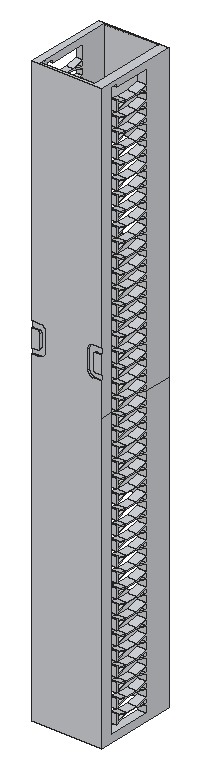
Revit family
Parameters
  Material ID = "760089441"
  Description = "Vertical Cable Management Kit, 10in X 84in (254mm X 2134mm) Single Sided, With Door, Black"
Reference planes (in)
  plane 1 "Center (Front/Back)": y = 0
  plane 2: z = 0
  plane 3 "Center (Left/Right)": x = 0
Forms (in)
  Extrusion 1, void, not visible
    sketch origin (0, 0, 0) x (1, 0, 0) y (0, 0, 1)
      loop
        line (-7.85662, 0.48089) -> (-7.85662, -0.39002) -> (-7.67285, -0.39002) -> (-7.67285, -0.64002) -> (-7.0736, -0.64002) -> (-7.0736, -0.39002) -> (-6.92978, -0.39002) -> (-6.92978, 0.48089) -> (-7.85662, 0.48089)
    from -3.79215 to 12
  Extrusion 2, void, not visible
    sketch origin (0, 0, 0) x (1, 0, 0) y (0, 0, 1)
      loop
        line (-8.21397, 0.42583) -> (-8.21397, -0.07417) -> (-8.08657, -0.07417) -> (-8.08657, -0.27417) -> (-7.83657, -0.27417) -> (-7.83657, -0.07417) -> (-7.72497, -0.07417) -> (-7.72497, 0.42583) -> (-8.21397, 0.42583)
    from 0.74059 to 3.34334
  Extrusion 3, solid
    sketch origin (0, 0, 0) x (1, 0, 0) y (0, 0, 1)
      loop
        line (7, 42) -> (-3, 42) -> (-3, -42) -> (7, -42) -> (7, 0) -> (7, 42)
    from 11.281 to -0.549
  Extrusion 4, void
    sketch origin (0, 0, 0) x (1, 0, 0) y (0, 0, 1)
      loop
        line (-3, 9.00056) -> (-3, 8.06684) -> (-2.1, 8.06684)
        arc (-2.1, 8.06684) -> (-1.88787, 7.97898) -> (-1.8, 7.76684) r 0.3
        line (-1.8, 7.76684) -> (-1.8, 5.85056)
        arc (-1.8, 5.85056) -> (-1.88787, 5.63843) -> (-2.1, 5.55056) r 0.3
        line (-2.1, 5.55056) -> (-3, 5.55056) -> (-3, 4.75056) -> (-1.8, 4.75056)
        arc (-1.8, 4.75056) -> (-1.23431, 4.98488) -> (-1, 5.55056) r 0.8
        line (-1, 5.55056) -> (-1, 8.20056)
        arc (-1, 8.20056) -> (-1.23431, 8.76625) -> (-1.8, 9.00056) r 0.8
        line (-1.8, 9.00056) -> (-3, 9.00056)
      loop
        line (7, 9.00056) -> (5.8, 9.00056)
        arc (5.8, 9.00056) -> (5.23431, 8.76625) -> (5, 8.20056) r 0.8
        line (5, 8.20056) -> (5, 5.55056)
        arc (5, 5.55056) -> (5.23431, 4.98488) -> (5.8, 4.75056) r 0.8
        line (5.8, 4.75056) -> (7, 4.75056) -> (7, 5.55056) -> (6.1, 5.55056)
        arc (6.1, 5.55056) -> (5.88787, 5.63843) -> (5.8, 5.85056) r 0.3
        line (5.8, 5.85056) -> (5.8, 7.76684)
        arc (5.8, 7.76684) -> (5.88787, 7.97898) -> (6.1, 8.06684) r 0.3
        line (6.1, 8.06684) -> (7, 8.06684) -> (7, 9.00056)
    from 11.08569 to 11.281
  Extrusion 5, void
    sketch origin (0, 0, 0) x (1, 0, 0) y (0, 1, 0)
      loop
        line (5.70983, 0.3385) -> (-2.04017, 0.3385) -> (-2.04017, -10.9115) -> (5.70983, -10.9115) -> (5.70983, 0.3385)
    from -57.1272 to 54.97812
  Extrusion 6, void
    sketch origin (0, 0, 0) x (0, 1, 0) y (0, 0, 1)
      loop
        line (-3.37841, 39.06909) -> (-3.37841, 41.06909) -> (-8.50915, 41.06909) -> (-8.50915, 39.06909) -> (-6.81878, 38.61615) -> (-5.06878, 38.61615) -> (-3.37841, 39.06909)
      loop
        line (-3.37841, 38.06909) -> (-5.06878, 38.52202) -> (-6.81878, 38.52202) -> (-8.50915, 38.06909) -> (-8.50915, 37.81909) -> (-8.50915, 37.06909) -> (-6.81878, 36.61615) -> (-5.06878, 36.61615) -> (-3.37841, 37.06909) -> (-3.37841, 37.81909) -> (-3.37841, 38.06909)
      loop
        line (-3.37841, 39.00985) -> (-4.9864, 38.57899) -> (-3.37841, 38.14813) -> (-3.37841, 39.00985)
      loop
        line (-8.50915, 39.00985) -> (-8.50915, 38.14813) -> (-6.90115, 38.57899) -> (-8.50915, 39.00985)
      loop
        line (-3.37841, 36.06909) -> (-5.06878, 36.52202) -> (-6.81878, 36.52202) -> (-8.50915, 36.06909) -> (-8.50915, 35.06909) -> (-6.81878, 34.61615) -> (-5.06878, 34.61615) -> (-3.37841, 35.06909) -> (-3.37841, 36.06909)
      loop
        line (-3.37841, 37.00985) -> (-4.9864, 36.57899) -> (-3.37841, 36.14813) -> (-3.37841, 37.00985)
      loop
        line (-8.50915, 37.00985) -> (-8.50915, 36.14813) -> (-6.90115, 36.57899) -> (-8.50915, 37.00985)
      loop
        line (-3.37841, 34.06909) -> (-5.06878, 34.52202) -> (-6.81878, 34.52202) -> (-8.50915, 34.06909) -> (-8.50915, 33.06909) -> (-6.81878, 32.61615) -> (-5.06878, 32.61615) -> (-3.37841, 33.06909) -> (-3.37841, 34.06909)
      loop
        line (-3.37841, 35.00985) -> (-4.9864, 34.57899) -> (-3.37841, 34.14813) -> (-3.37841, 35.00985)
      loop
        line (-8.50915, 35.00985) -> (-8.50915, 34.14813) -> (-6.90115, 34.57899) -> (-8.50915, 35.00985)
      loop
        line (-3.37841, 32.06909) -> (-5.06878, 32.52202) -> (-6.81878, 32.52202) -> (-8.50915, 32.06909) -> (-8.50915, 31.06909) -> (-6.81878, 30.61615) -> (-5.06878, 30.61615) -> (-3.37841, 31.06909) -> (-3.37841, 32.06909)
      loop
        line (-3.37841, 33.00985) -> (-4.9864, 32.57899) -> (-3.37841, 32.14813) -> (-3.37841, 33.00985)
      loop
        line (-8.50915, 33.00985) -> (-8.50915, 32.14813) -> (-6.90115, 32.57899) -> (-8.50915, 33.00985)
      loop
        line (-3.37841, 30.06909) -> (-5.06878, 30.52202) -> (-6.81878, 30.52202) -> (-8.50915, 30.06909) -> (-8.50915, 29.06909) -> (-6.81878, 28.61615) -> (-5.06878, 28.61615) -> (-3.37841, 29.06909) -> (-3.37841, 30.06909)
      loop
        line (-3.37841, 31.00985) -> (-4.9864, 30.57899) -> (-3.37841, 30.14813) -> (-3.37841, 31.00985)
      loop
        line (-8.50915, 31.00985) -> (-8.50915, 30.14813) -> (-6.90115, 30.57899) -> (-8.50915, 31.00985)
      loop
        line (-3.37841, 28.06909) -> (-5.06878, 28.52202) -> (-6.81878, 28.52202) -> (-8.50915, 28.06909) -> (-8.50915, 27.06909) -> (-6.81878, 26.61615) -> (-5.06878, 26.61615) -> (-3.37841, 27.06909) -> (-3.37841, 28.06909)
      loop
        line (-3.37841, 29.00985) -> (-4.9864, 28.57899) -> (-3.37841, 28.14813) -> (-3.37841, 29.00985)
      loop
        line (-8.50915, 29.00985) -> (-8.50915, 28.14813) -> (-6.90115, 28.57899) -> (-8.50915, 29.00985)
      loop
        line (-3.37841, 26.06909) -> (-5.06878, 26.52202) -> (-6.81878, 26.52202) -> (-8.50915, 26.06909) -> (-8.50915, 25.06909) -> (-6.81878, 24.61615) -> (-5.06878, 24.61615) -> (-3.37841, 25.06909) -> (-3.37841, 26.06909)
      loop
        line (-3.37841, 27.00985) -> (-4.9864, 26.57899) -> (-3.37841, 26.14813) -> (-3.37841, 27.00985)
      loop
        line (-8.50915, 27.00985) -> (-8.50915, 26.14813) -> (-6.90115, 26.57899) -> (-8.50915, 27.00985)
      loop
        line (-3.37841, 24.06909) -> (-5.06878, 24.52202) -> (-6.81878, 24.52202) -> (-8.50915, 24.06909) -> (-8.50915, 23.06909) -> (-6.81878, 22.61615) -> (-5.06878, 22.61615) -> (-3.37841, 23.06909) -> (-3.37841, 24.06909)
      loop
        line (-3.37841, 25.00985) -> (-4.9864, 24.57899) -> (-3.37841, 24.14813) -> (-3.37841, 25.00985)
      loop
        line (-8.50915, 25.00985) -> (-8.50915, 24.14813) -> (-6.90115, 24.57899) -> (-8.50915, 25.00985)
      loop
        line (-3.37841, 22.06909) -> (-5.06878, 22.52202) -> (-6.81878, 22.52202) -> (-8.50915, 22.06909) -> (-8.50915, 21.06909) -> (-6.81878, 20.61615) -> (-5.06878, 20.61615) -> (-3.37841, 21.06909) -> (-3.37841, 22.06909)
      loop
        line (-3.37841, 23.00985) -> (-4.9864, 22.57899) -> (-3.37841, 22.14813) -> (-3.37841, 23.00985)
      loop
        line (-8.50915, 23.00985) -> (-8.50915, 22.14813) -> (-6.90115, 22.57899) -> (-8.50915, 23.00985)
      loop
        line (-3.37841, 20.06909) -> (-5.06878, 20.52202) -> (-6.81878, 20.52202) -> (-8.50915, 20.06909) -> (-8.50915, 19.06909) -> (-6.81878, 18.61615) -> (-5.06878, 18.61615) -> (-3.37841, 19.06909) -> (-3.37841, 20.06909)
      loop
        line (-3.37841, 21.00985) -> (-4.9864, 20.57899) -> (-3.37841, 20.14813) -> (-3.37841, 21.00985)
      loop
        line (-8.50915, 21.00985) -> (-8.50915, 20.14813) -> (-6.90115, 20.57899) -> (-8.50915, 21.00985)
      loop
        line (-3.37841, 18.06909) -> (-5.06878, 18.52202) -> (-6.81878, 18.52202) -> (-8.50915, 18.06909) -> (-8.50915, 17.06909) -> (-6.81878, 16.61615) -> (-5.06878, 16.61615) -> (-3.37841, 17.06909) -> (-3.37841, 18.06909)
      loop
        line (-3.37841, 19.00985) -> (-4.9864, 18.57899) -> (-3.37841, 18.14813) -> (-3.37841, 19.00985)
      loop
        line (-8.50915, 19.00985) -> (-8.50915, 18.14813) -> (-6.90115, 18.57899) -> (-8.50915, 19.00985)
      loop
        line (-3.37841, 16.06909) -> (-5.06878, 16.52202) -> (-6.81878, 16.52202) -> (-8.50915, 16.06909) -> (-8.50915, 15.06909) -> (-6.81878, 14.61615) -> (-5.06878, 14.61615) -> (-3.37841, 15.06909) -> (-3.37841, 16.06909)
      loop
        line (-3.37841, 17.00985) -> (-4.9864, 16.57899) -> (-3.37841, 16.14813) -> (-3.37841, 17.00985)
      loop
        line (-8.50915, 17.00985) -> (-8.50915, 16.14813) -> (-6.90115, 16.57899) -> (-8.50915, 17.00985)
      loop
        line (-3.37841, 14.06909) -> (-5.06878, 14.52202) -> (-6.81878, 14.52202) -> (-8.50915, 14.06909) -> (-8.50915, 13.06909) -> (-6.81878, 12.61615) -> (-5.06878, 12.61615) -> (-3.37841, 13.06909) -> (-3.37841, 14.06909)
      loop
        line (-3.37841, 15.00985) -> (-4.9864, 14.57899) -> (-3.37841, 14.14813) -> (-3.37841, 15.00985)
      loop
        line (-8.50915, 15.00985) -> (-8.50915, 14.14813) -> (-6.90115, 14.57899) -> (-8.50915, 15.00985)
      loop
        line (-3.37841, 12.06909) -> (-5.06878, 12.52202) -> (-6.81878, 12.52202) -> (-8.50915, 12.06909) -> (-8.50915, 11.06909) -> (-6.81878, 10.61615) -> (-5.06878, 10.61615) -> (-3.37841, 11.06909) -> (-3.37841, 12.06909)
      loop
        line (-3.37841, 13.00985) -> (-4.9864, 12.57899) -> (-3.37841, 12.14813) -> (-3.37841, 13.00985)
      loop
        line (-8.50915, 13.00985) -> (-8.50915, 12.14813) -> (-6.90115, 12.57899) -> (-8.50915, 13.00985)
      loop
        line (-3.37841, 10.06909) -> (-5.06878, 10.52202) -> (-6.81878, 10.52202) -> (-8.50915, 10.06909) -> (-8.50915, 9.06909) -> (-6.81878, 8.61615) -> (-5.06878, 8.61615) -> (-3.37841, 9.06909) -> (-3.37841, 10.06909)
      loop
        line (-3.37841, 11.00985) -> (-4.9864, 10.57899) -> (-3.37841, 10.14813) -> (-3.37841, 11.00985)
      loop
        line (-8.50915, 11.00985) -> (-8.50915, 10.14813) -> (-6.90115, 10.57899) -> (-8.50915, 11.00985)
      loop
        line (-3.37841, 8.06909) -> (-5.06878, 8.52202) -> (-6.81878, 8.52202) -> (-8.50915, 8.06909) -> (-8.50915, 7.06909) -> (-6.81878, 6.61615) -> (-5.06878, 6.61615) -> (-3.37841, 7.06909) -> (-3.37841, 8.06909)
      loop
        line (-3.37841, 9.00985) -> (-4.9864, 8.57899) -> (-3.37841, 8.14813) -> (-3.37841, 9.00985)
      loop
        line (-8.50915, 9.00985) -> (-8.50915, 8.14813) -> (-6.90115, 8.57899) -> (-8.50915, 9.00985)
      loop
        line (-3.37841, 6.06909) -> (-5.06878, 6.52202) -> (-6.81878, 6.52202) -> (-8.50915, 6.06909) -> (-8.50915, 5.06909) -> (-6.81878, 4.61615) -> (-5.06878, 4.61615) -> (-3.37841, 5.06909) -> (-3.37841, 6.06909)
      loop
        line (-3.37841, 7.00985) -> (-4.9864, 6.57899) -> (-3.37841, 6.14813) -> (-3.37841, 7.00985)
      loop
        line (-8.50915, 7.00985) -> (-8.50915, 6.14813) -> (-6.90115, 6.57899) -> (-8.50915, 7.00985)
      loop
        line (-3.37841, 4.06909) -> (-5.06878, 4.52202) -> (-6.81878, 4.52202) -> (-8.50915, 4.06909) -> (-8.50915, 3.06909) -> (-6.81878, 2.61615) -> (-5.06878, 2.61615) -> (-3.37841, 3.06909) -> (-3.37841, 4.06909)
      loop
        line (-3.37841, 5.00985) -> (-4.9864, 4.57899) -> (-3.37841, 4.14813) -> (-3.37841, 5.00985)
      loop
        line (-8.50915, 5.00985) -> (-8.50915, 4.14813) -> (-6.90115, 4.57899) -> (-8.50915, 5.00985)
      loop
        line (-3.37841, 2.06909) -> (-5.06878, 2.52202) -> (-6.81878, 2.52202) -> (-8.50915, 2.06909) -> (-8.50915, 1.06909) -> (-6.81878, 0.61615) -> (-5.06878, 0.61615) -> (-3.37841, 1.06909) -> (-3.37841, 2.06909)
      loop
        line (-3.37841, 3.00985) -> (-4.9864, 2.57899) -> (-3.37841, 2.14813) -> (-3.37841, 3.00985)
      loop
        line (-8.50915, 3.00985) -> (-8.50915, 2.14813) -> (-6.90115, 2.57899) -> (-8.50915, 3.00985)
      loop
        line (-3.37841, 0.06909) -> (-5.06878, 0.52202) -> (-6.81878, 0.52202) -> (-8.50915, 0.06909) -> (-8.50915, -0.93091) -> (-6.81878, -1.38385) -> (-5.06878, -1.38385) -> (-3.37841, -0.93091) -> (-3.37841, 0.06909)
      loop
        line (-3.37841, 1.00985) -> (-4.9864, 0.57899) -> (-3.37841, 0.14813) -> (-3.37841, 1.00985)
      loop
        line (-8.50915, 1.00985) -> (-8.50915, 0.14813) -> (-6.90115, 0.57899) -> (-8.50915, 1.00985)
      loop
        line (-3.37841, -1.93091) -> (-5.06878, -1.47798) -> (-6.81878, -1.47798) -> (-8.50915, -1.93091) -> (-8.50915, -2.93091) -> (-6.81878, -3.38385) -> (-5.06878, -3.38385) -> (-3.37841, -2.93091) -> (-3.37841, -1.93091)
      loop
        line (-3.37841, -0.99015) -> (-4.9864, -1.42101) -> (-3.37841, -1.85187) -> (-3.37841, -0.99015)
      loop
        line (-8.50915, -0.99015) -> (-8.50915, -1.85187) -> (-6.90115, -1.42101) -> (-8.50915, -0.99015)
      loop
        line (-3.37841, -3.93091) -> (-5.06878, -3.47798) -> (-6.81878, -3.47798) -> (-8.50915, -3.93091) -> (-8.50915, -4.93091) -> (-6.81878, -5.38385) -> (-5.06878, -5.38385) -> (-3.37841, -4.93091) -> (-3.37841, -3.93091)
      loop
        line (-3.37841, -2.99015) -> (-4.9864, -3.42101) -> (-3.37841, -3.85187) -> (-3.37841, -2.99015)
      loop
        line (-8.50915, -2.99015) -> (-8.50915, -3.85187) -> (-6.90115, -3.42101) -> (-8.50915, -2.99015)
      loop
        line (-3.37841, -5.93091) -> (-5.06878, -5.47798) -> (-6.81878, -5.47798) -> (-8.50915, -5.93091) -> (-8.50915, -6.93091) -> (-6.81878, -7.38385) -> (-5.06878, -7.38385) -> (-3.37841, -6.93091) -> (-3.37841, -5.93091)
      loop
        line (-3.37841, -4.99015) -> (-4.9864, -5.42101) -> (-3.37841, -5.85187) -> (-3.37841, -4.99015)
      loop
        line (-8.50915, -4.99015) -> (-8.50915, -5.85187) -> (-6.90115, -5.42101) -> (-8.50915, -4.99015)
      loop
        line (-3.37841, -7.93091) -> (-5.06878, -7.47798) -> (-6.81878, -7.47798) -> (-8.50915, -7.93091) -> (-8.50915, -8.93091) -> (-6.81878, -9.38385) -> (-5.06878, -9.38385) -> (-3.37841, -8.93091) -> (-3.37841, -7.93091)
      loop
        line (-3.37841, -6.99015) -> (-4.9864, -7.42101) -> (-3.37841, -7.85187) -> (-3.37841, -6.99015)
      loop
        line (-8.50915, -6.99015) -> (-8.50915, -7.85187) -> (-6.90115, -7.42101) -> (-8.50915, -6.99015)
      loop
        line (-3.37841, -9.93091) -> (-5.06878, -9.47798) -> (-6.81878, -9.47798) -> (-8.50915, -9.93091) -> (-8.50915, -10.93091) -> (-6.81878, -11.38385) -> (-5.06878, -11.38385) -> (-3.37841, -10.93091) -> (-3.37841, -9.93091)
      loop
        line (-3.37841, -8.99015) -> (-4.9864, -9.42101) -> (-3.37841, -9.85187) -> (-3.37841, -8.99015)
      loop
        line (-8.50915, -8.99015) -> (-8.50915, -9.85187) -> (-6.90115, -9.42101) -> (-8.50915, -8.99015)
      loop
        line (-3.37841, -11.93091) -> (-5.06878, -11.47798) -> (-6.81878, -11.47798) -> (-8.50915, -11.93091) -> (-8.50915, -12.93091) -> (-6.81878, -13.38385) -> (-5.06878, -13.38385) -> (-3.37841, -12.93091) -> (-3.37841, -11.93091)
      loop
        line (-3.37841, -10.99015) -> (-4.9864, -11.42101) -> (-3.37841, -11.85187) -> (-3.37841, -10.99015)
      loop
        line (-8.50915, -10.99015) -> (-8.50915, -11.85187) -> (-6.90115, -11.42101) -> (-8.50915, -10.99015)
      loop
        line (-3.37841, -13.93091) -> (-5.06878, -13.47798) -> (-6.81878, -13.47798) -> (-8.50915, -13.93091) -> (-8.50915, -14.93091) -> (-6.81878, -15.38385) -> (-5.06878, -15.38385) -> (-3.37841, -14.93091) -> (-3.37841, -13.93091)
      loop
        line (-3.37841, -12.99015) -> (-4.9864, -13.42101) -> (-3.37841, -13.85187) -> (-3.37841, -12.99015)
      loop
        line (-8.50915, -12.99015) -> (-8.50915, -13.85187) -> (-6.90115, -13.42101) -> (-8.50915, -12.99015)
      loop
        line (-3.37841, -15.93091) -> (-5.06878, -15.47798) -> (-6.81878, -15.47798) -> (-8.50915, -15.93091) -> (-8.50915, -16.93091) -> (-6.81878, -17.38385) -> (-5.06878, -17.38385) -> (-3.37841, -16.93091) -> (-3.37841, -15.93091)
      loop
        line (-3.37841, -14.99015) -> (-4.9864, -15.42101) -> (-3.37841, -15.85187) -> (-3.37841, -14.99015)
      loop
        line (-8.50915, -14.99015) -> (-8.50915, -15.85187) -> (-6.90115, -15.42101) -> (-8.50915, -14.99015)
      loop
        line (-3.37841, -17.93091) -> (-5.06878, -17.47798) -> (-6.81878, -17.47798) -> (-8.50915, -17.93091) -> (-8.50915, -18.93091) -> (-6.81878, -19.38385) -> (-5.06878, -19.38385) -> (-3.37841, -18.93091) -> (-3.37841, -17.93091)
      loop
        line (-3.37841, -16.99015) -> (-4.9864, -17.42101) -> (-3.37841, -17.85187) -> (-3.37841, -16.99015)
      loop
        line (-8.50915, -16.99015) -> (-8.50915, -17.85187) -> (-6.90115, -17.42101) -> (-8.50915, -16.99015)
      loop
        line (-3.37841, -19.93091) -> (-5.06878, -19.47798) -> (-6.81878, -19.47798) -> (-8.50915, -19.93091) -> (-8.50915, -20.93091) -> (-6.81878, -21.38385) -> (-5.06878, -21.38385) -> (-3.37841, -20.93091) -> (-3.37841, -19.93091)
      loop
        line (-3.37841, -18.99015) -> (-4.9864, -19.42101) -> (-3.37841, -19.85187) -> (-3.37841, -18.99015)
      loop
        line (-8.50915, -18.99015) -> (-8.50915, -19.85187) -> (-6.90115, -19.42101) -> (-8.50915, -18.99015)
      loop
        line (-3.37841, -21.93091) -> (-5.06878, -21.47798) -> (-6.81878, -21.47798) -> (-8.50915, -21.93091) -> (-8.50915, -22.93091) -> (-6.81878, -23.38385) -> (-5.06878, -23.38385) -> (-3.37841, -22.93091) -> (-3.37841, -21.93091)
      loop
        line (-3.37841, -20.99015) -> (-4.9864, -21.42101) -> (-3.37841, -21.85187) -> (-3.37841, -20.99015)
      loop
        line (-8.50915, -20.99015) -> (-8.50915, -21.85187) -> (-6.90115, -21.42101) -> (-8.50915, -20.99015)
      loop
        line (-3.37841, -23.93091) -> (-5.06878, -23.47798) -> (-6.81878, -23.47798) -> (-8.50915, -23.93091) -> (-8.50915, -24.93091) -> (-6.81878, -25.38385) -> (-5.06878, -25.38385) -> (-3.37841, -24.93091) -> (-3.37841, -23.93091)
      loop
        line (-3.37841, -22.99015) -> (-4.9864, -23.42101) -> (-3.37841, -23.85187) -> (-3.37841, -22.99015)
      loop
        line (-8.50915, -22.99015) -> (-8.50915, -23.85187) -> (-6.90115, -23.42101) -> (-8.50915, -22.99015)
      loop
        line (-3.37841, -25.93091) -> (-5.06878, -25.47798) -> (-6.81878, -25.47798) -> (-8.50915, -25.93091) -> (-8.50915, -26.93091) -> (-6.81878, -27.38385) -> (-5.06878, -27.38385) -> (-3.37841, -26.93091) -> (-3.37841, -25.93091)
      loop
        line (-3.37841, -24.99015) -> (-4.9864, -25.42101) -> (-3.37841, -25.85187) -> (-3.37841, -24.99015)
      loop
        line (-8.50915, -24.99015) -> (-8.50915, -25.85187) -> (-6.90115, -25.42101) -> (-8.50915, -24.99015)
      loop
        line (-3.37841, -27.93091) -> (-5.06878, -27.47798) -> (-6.81878, -27.47798) -> (-8.50915, -27.93091) -> (-8.50915, -28.93091) -> (-6.81878, -29.38385) -> (-5.06878, -29.38385) -> (-3.37841, -28.93091) -> (-3.37841, -27.93091)
      loop
        line (-3.37841, -26.99015) -> (-4.9864, -27.42101) -> (-3.37841, -27.85187) -> (-3.37841, -26.99015)
      loop
        line (-8.50915, -26.99015) -> (-8.50915, -27.85187) -> (-6.90115, -27.42101) -> (-8.50915, -26.99015)
      loop
        line (-3.37841, -29.93091) -> (-5.06878, -29.47798) -> (-6.81878, -29.47798) -> (-8.50915, -29.93091) -> (-8.50915, -30.93091) -> (-6.81878, -31.38385) -> (-5.06878, -31.38385) -> (-3.37841, -30.93091) -> (-3.37841, -29.93091)
      loop
        line (-3.37841, -28.99015) -> (-4.9864, -29.42101) -> (-3.37841, -29.85187) -> (-3.37841, -28.99015)
      loop
        line (-8.50915, -28.99015) -> (-8.50915, -29.85187) -> (-6.90115, -29.42101) -> (-8.50915, -28.99015)
      loop
        line (-3.37841, -31.93091) -> (-5.06878, -31.47798) -> (-6.81878, -31.47798) -> (-8.50915, -31.93091) -> (-8.50915, -32.93091) -> (-6.81878, -33.38385) -> (-5.06878, -33.38385) -> (-3.37841, -32.93091) -> (-3.37841, -31.93091)
      loop
        line (-3.37841, -30.99015) -> (-4.9864, -31.42101) -> (-3.37841, -31.85187) -> (-3.37841, -30.99015)
      loop
        line (-8.50915, -30.99015) -> (-8.50915, -31.85187) -> (-6.90115, -31.42101) -> (-8.50915, -30.99015)
      loop
        line (-3.37841, -33.93091) -> (-5.06878, -33.47798) -> (-6.81878, -33.47798) -> (-8.50915, -33.93091) -> (-8.50915, -34.93091) -> (-6.81878, -35.38385) -> (-5.06878, -35.38385) -> (-3.37841, -34.93091) -> (-3.37841, -33.93091)
      loop
        line (-3.37841, -32.99015) -> (-4.9864, -33.42101) -> (-3.37841, -33.85187) -> (-3.37841, -32.99015)
      loop
        line (-8.50915, -32.99015) -> (-8.50915, -33.85187) -> (-6.90115, -33.42101) -> (-8.50915, -32.99015)
      loop
        line (-3.37841, -35.93091) -> (-5.06878, -35.47798) -> (-6.81878, -35.47798) -> (-8.50915, -35.93091) -> (-8.50915, -36.93091) -> (-6.81878, -37.38385) -> (-5.06878, -37.38385) -> (-3.37841, -36.93091) -> (-3.37841, -35.93091)
      loop
        line (-3.37841, -34.99015) -> (-4.9864, -35.42101) -> (-3.37841, -35.85187) -> (-3.37841, -34.99015)
      loop
        line (-8.50915, -34.99015) -> (-8.50915, -35.85187) -> (-6.90115, -35.42101) -> (-8.50915, -34.99015)
      loop
        line (-3.37841, -37.93091) -> (-5.06878, -37.47798) -> (-6.81878, -37.47798) -> (-8.50915, -37.93091) -> (-8.50915, -38.93091) -> (-6.81878, -39.38385) -> (-5.06878, -39.38385) -> (-3.37841, -38.93091) -> (-3.37841, -37.93091)
      loop
        line (-3.37841, -36.99015) -> (-4.9864, -37.42101) -> (-3.37841, -37.85187) -> (-3.37841, -36.99015)
      loop
        line (-8.50915, -36.99015) -> (-8.50915, -37.85187) -> (-6.90115, -37.42101) -> (-8.50915, -36.99015)
      loop
        line (-3.37841, -40.99798) -> (-3.37841, -39.93091) -> (-5.06878, -39.47798) -> (-6.81878, -39.47798) -> (-8.50915, -39.93091) -> (-8.50915, -40.99798) -> (-3.37841, -40.99798)
      loop
        line (-3.37841, -38.99015) -> (-4.9864, -39.42101) -> (-3.37841, -39.85187) -> (-3.37841, -38.99015)
      loop
        line (-8.50915, -38.99015) -> (-8.50915, -39.85187) -> (-6.90115, -39.42101) -> (-8.50915, -38.99015)
    from -16.16264 to 12
  Extrusion 7, void
    sketch origin (0, 0, 0) x (0, 1, 0) y (0, 0, 1)
      loop
        line (-9.74802, 41.47806) -> (-9.74802, -41) -> (-8.75915, -41) -> (-8.75915, 41.47806) -> (-9.74802, 41.47806)
    from -16.48531 to 12
  Extrusion 8, void
    sketch origin (0, 0, 0) x (1, 0, 0) y (0, 0, 1)
      loop
        line (5.49935, 28.88043) -> (-1.75065, 28.88043) -> (-1.75065, 16.13043) -> (5.49935, 16.13043) -> (5.49935, 28.88043)
      loop
        line (5.49935, -28.88043) -> (5.49935, -16.13043) -> (-1.75065, -16.13043) -> (-1.75065, -28.88043) -> (5.49935, -28.88043)
    from -9.86946 to 1.00595
  Extrusion 9, void
    sketch origin (7, 0, 42) x (0, 0, 1) y (0, 1, 0)
      loop
        line (-0.93091, -7.22337) -> (-2.68091, -7.22337) -> (-2.68091, -9.22337) -> (-0.93091, -9.22337) -> (-0.93091, -7.22337)
      loop
        line (-4.08537, -9.05786) -> (-4.08537, -8.05786) -> (-4.76237, -8.05786) -> (-4.76237, -9.05786) -> (-4.08537, -9.05786)
      loop
        line (-6.08537, -9.05786) -> (-6.08537, -8.05786) -> (-6.76237, -8.05786) -> (-6.76237, -9.05786) -> (-6.08537, -9.05786)
      loop
        line (-8.08537, -9.05786) -> (-8.08537, -8.05786) -> (-8.76237, -8.05786) -> (-8.76237, -9.05786) -> (-8.08537, -9.05786)
      loop
        line (-10.08537, -9.05786) -> (-10.08537, -8.05786) -> (-10.76237, -8.05786) -> (-10.76237, -9.05786) -> (-10.08537, -9.05786)
      loop
        line (-12.08537, -9.05786) -> (-12.08537, -8.05786) -> (-12.76237, -8.05786) -> (-12.76237, -9.05786) -> (-12.08537, -9.05786)
      loop
        line (-14.08537, -9.05786) -> (-14.08537, -8.05786) -> (-14.76237, -8.05786) -> (-14.76237, -9.05786) -> (-14.08537, -9.05786)
      loop
        line (-16.08537, -9.05786) -> (-16.08537, -8.05786) -> (-16.76237, -8.05786) -> (-16.76237, -9.05786) -> (-16.08537, -9.05786)
      loop
        line (-18.08537, -9.05786) -> (-18.08537, -8.05786) -> (-18.76237, -8.05786) -> (-18.76237, -9.05786) -> (-18.08537, -9.05786)
      loop
        line (-20.08537, -9.05786) -> (-20.08537, -8.05786) -> (-20.76237, -8.05786) -> (-20.76237, -9.05786) -> (-20.08537, -9.05786)
      loop
        line (-22.08537, -9.05786) -> (-22.08537, -8.05786) -> (-22.76237, -8.05786) -> (-22.76237, -9.05786) -> (-22.08537, -9.05786)
      loop
        line (-24.08537, -9.05786) -> (-24.08537, -8.05786) -> (-24.76237, -8.05786) -> (-24.76237, -9.05786) -> (-24.08537, -9.05786)
      loop
        line (-26.08537, -9.05786) -> (-26.08537, -8.05786) -> (-26.76237, -8.05786) -> (-26.76237, -9.05786) -> (-26.08537, -9.05786)
      loop
        line (-28.08537, -9.05786) -> (-28.08537, -8.05786) -> (-28.76237, -8.05786) -> (-28.76237, -9.05786) -> (-28.08537, -9.05786)
      loop
        line (-30.08537, -9.05786) -> (-30.08537, -8.05786) -> (-30.76237, -8.05786) -> (-30.76237, -9.05786) -> (-30.08537, -9.05786)
      loop
        line (-32.08537, -9.05786) -> (-32.08537, -8.05786) -> (-32.76237, -8.05786) -> (-32.76237, -9.05786) -> (-32.08537, -9.05786)
      loop
        line (-34.08537, -9.05786) -> (-34.08537, -8.05786) -> (-34.76237, -8.05786) -> (-34.76237, -9.05786) -> (-34.08537, -9.05786)
      loop
        line (-36.08537, -9.05786) -> (-36.08537, -8.05786) -> (-36.76237, -8.05786) -> (-36.76237, -9.05786) -> (-36.08537, -9.05786)
      loop
        line (-38.08537, -9.05786) -> (-38.08537, -8.05786) -> (-38.76237, -8.05786) -> (-38.76237, -9.05786) -> (-38.08537, -9.05786)
      loop
        line (-40.08537, -9.05786) -> (-40.08537, -8.05786) -> (-40.76237, -8.05786) -> (-40.76237, -9.05786) -> (-40.08537, -9.05786)
      loop
        line (-42.08537, -9.05786) -> (-42.08537, -8.05786) -> (-42.76237, -8.05786) -> (-42.76237, -9.05786) -> (-42.08537, -9.05786)
      loop
        line (-44.08537, -9.05786) -> (-44.08537, -8.05786) -> (-44.76237, -8.05786) -> (-44.76237, -9.05786) -> (-44.08537, -9.05786)
      loop
        line (-46.08537, -9.05786) -> (-46.08537, -8.05786) -> (-46.76237, -8.05786) -> (-46.76237, -9.05786) -> (-46.08537, -9.05786)
      loop
        line (-48.08537, -9.05786) -> (-48.08537, -8.05786) -> (-48.76237, -8.05786) -> (-48.76237, -9.05786) -> (-48.08537, -9.05786)
      loop
        line (-50.08537, -9.05786) -> (-50.08537, -8.05786) -> (-50.76237, -8.05786) -> (-50.76237, -9.05786) -> (-50.08537, -9.05786)
      loop
        line (-52.08537, -9.05786) -> (-52.08537, -8.05786) -> (-52.76237, -8.05786) -> (-52.76237, -9.05786) -> (-52.08537, -9.05786)
      loop
        line (-54.08537, -9.05786) -> (-54.08537, -8.05786) -> (-54.76237, -8.05786) -> (-54.76237, -9.05786) -> (-54.08537, -9.05786)
      loop
        line (-56.08537, -9.05786) -> (-56.08537, -8.05786) -> (-56.76237, -8.05786) -> (-56.76237, -9.05786) -> (-56.08537, -9.05786)
      loop
        line (-58.08537, -9.05786) -> (-58.08537, -8.05786) -> (-58.76237, -8.05786) -> (-58.76237, -9.05786) -> (-58.08537, -9.05786)
      loop
        line (-60.08537, -9.05786) -> (-60.08537, -8.05786) -> (-60.76237, -8.05786) -> (-60.76237, -9.05786) -> (-60.08537, -9.05786)
      loop
        line (-62.08537, -9.05786) -> (-62.08537, -8.05786) -> (-62.76237, -8.05786) -> (-62.76237, -9.05786) -> (-62.08537, -9.05786)
      loop
        line (-64.08537, -9.05786) -> (-64.08537, -8.05786) -> (-64.76237, -8.05786) -> (-64.76237, -9.05786) -> (-64.08537, -9.05786)
      loop
        line (-66.08537, -9.05786) -> (-66.08537, -8.05786) -> (-66.76237, -8.05786) -> (-66.76237, -9.05786) -> (-66.08537, -9.05786)
      loop
        line (-68.08537, -9.05786) -> (-68.08537, -8.05786) -> (-68.76237, -8.05786) -> (-68.76237, -9.05786) -> (-68.08537, -9.05786)
      loop
        line (-70.08537, -9.05786) -> (-70.08537, -8.05786) -> (-70.76237, -8.05786) -> (-70.76237, -9.05786) -> (-70.08537, -9.05786)
      loop
        line (-72.08537, -9.05786) -> (-72.08537, -8.05786) -> (-72.76237, -8.05786) -> (-72.76237, -9.05786) -> (-72.08537, -9.05786)
      loop
        line (-74.08537, -9.05786) -> (-74.08537, -8.05786) -> (-74.76237, -8.05786) -> (-74.76237, -9.05786) -> (-74.08537, -9.05786)
      loop
        line (-76.08537, -9.05786) -> (-76.08537, -8.05786) -> (-76.76237, -8.05786) -> (-76.76237, -9.05786) -> (-76.08537, -9.05786)
      loop
        line (-78.08537, -9.05786) -> (-78.08537, -8.05786) -> (-78.76237, -8.05786) -> (-78.76237, -9.05786) -> (-78.08537, -9.05786)
      loop
        line (-80.08537, -9.05786) -> (-80.08537, -8.05786) -> (-80.76237, -8.05786) -> (-80.76237, -9.05786) -> (-80.08537, -9.05786)
      loop
        line (-82.99798, -7.70129) -> (-82.99798, -9.20129) -> (-82.14251, -9.20129) -> (-82.14251, -7.70129) -> (-82.99798, -7.70129)
    from 0 to 12
Cuts and joins
  Extrusion 4, Extrusion 5, Extrusion 6, Extrusion 7, Extrusion 8, Extrusion 9 cuts Extrusion 3
